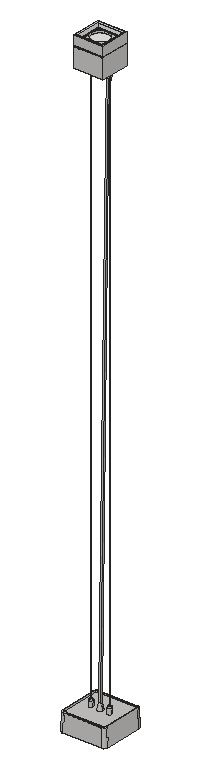
Revit family "CLighting-Luminii-Leto_44_P_SML", category Lighting Fixtures, host Face, Revit 2020
Family settings
  Host = Face
  Round Connector Dimension = Use Diameter
  Part Type = Normal
  OmniClass Number = 23.80.70.11.14.11
  OmniClass Title = Downlights
  Cut with Voids When Loaded = No
  Light Source = Yes
  Shared = Yes
  Room Calculation Point = No
Parameters (values of type "Leto 44 P SML")
  Width = 0' - 3 189/256"  # constant formula
  Wattage Comments = "6.5W"
  Wattage = 6.49954 W
  Warranty URL = "https://www.luminii.com/terms-conditions/"
  built-in parameter 1150110 = 1 (stored number, unit not read)
  Voltage Comments = "120V | 277V | 347V"  # constant formula
  Voltage = 120 V
  Version = "2020 - v1.0a"  # constant formula
  URL = "https://www.luminii.com/"
  built-in parameter 1114217 = 1 (stored number, unit not read)
  Tilt Angle = -90.00°  # constant formula
  built-in parameter 1150109 = 1 (stored number, unit not read)
  built-in parameter 1150134 = (empty or 0)
  built-in parameter 1150113 = 1 (stored number, unit not read)
  Support Phone = "224-699-9545"  # constant formula
  Support Email = "mailto:support@bimsmith.com"
  Product Page URL = "https://www.luminii.com/product/leto-44-p-sml/"
  Power Source Type = "Driver"  # constant formula
  Power Factor = 1
  Photometric Web File = "700-A90-615-35-07-00.ies"
  Phase = 1
  Operating Temperature = "Consult Manufacturer Website for more Information"  # constant formula
  Number of Poles = if(and(or(Voltage = 120 V, Voltage = 277 V), Phase = 1), 1, if(and(or(Voltage = 208 V, Voltage = 240 V), Phase = 1), 2, if(and(or(Voltage = 208 V, Voltage = 240 V), Phase = 3), 3, if(and(Voltage > 300 V, Phase = 1), 2, if(and(Voltage > 400 V, Phase = 3), 3, 1)))))  # 1
  Mounting Method = "Ceiling Mount"  # constant formula
  Model = "700"  # constant formula
  Manufacturer Phone Number = "403-216-7043"  # constant formula
  Manufacturer Email = "mailto: info@sensolighting.com"
  Manufacturer Address = "302 50 Ave SE. Calgary, Alberta, T2G 2A9 Canada"  # constant formula
  Manufacturer = "Luminii"  # constant formula
  built-in parameter 1150105 = 55.704 (stored number, unit not read)
  Lumens = 700 lm
  Luminaire Type = "Pendant LED Downlight"  # constant formula
  built-in parameter 1150115 = 1 (stored number, unit not read)
  Load Classification = Lighting
  built-in parameter 1150137 = (empty or 0)
  built-in parameter 1150139 = (empty or 0)
  Lens Material = Plastic - Luminii - Frosted Lens
  Length [instance] = 0' - 3 189/256"  # constant formula
  built-in parameter 1150112 = 1 (stored number, unit not read)
  built-in parameter 1150114 = 1 (stored number, unit not read)
  Lamp Life = 1
  Lamp = "LED"  # constant formula
  Keynote = "26 50 00"
  built-in parameter 1150132 = 2
  built-in parameter 1150102 = (empty or 0)
  built-in parameter 1150107 = 3500 (stored number, unit not read)
  Initial Color Comments = "Perfomance based on 3500K Photometric Web File"  # constant formula
  built-in parameter 1150138 = (empty or 0)
  built-in parameter 1150106 = 0.55704 (stored number, unit not read)
  Housing Protection Rating = "Consult Manufacturer Website for more Information"  # constant formula
  Has Dimming = 1 = 1  # yes
  Has Battery Backup = 0 = 1  # no
  Frequency Comments = ""  # constant formula
  Frequency = 60 Hz
  Finish = Metal - Luminii - Silver Anodized Aluminum
  Environment = "Indoor"  # constant formula
  built-in parameter 1150104 = 10.006 (stored number, unit not read)
  Dimming Type = "Consult Manufacturer Website for more Information"  # constant formula
  Dimming Lamp Color Temperature Shift = <None>
  Description = "Square pendant"  # constant formula
  Depth = 0' - 3 189/256"  # constant formula
  Default Elevation = 0' - 0"  # constant formula
  Current Amps = 50 A
  Copyright = "©2023 Luminii"  # constant formula
  Control Zone = "Consult Manufacturer Website for more Information"  # constant formula
  Control Type = "Consult Manufacturer Website for more Information"  # constant formula
  Constraints = 1  # constant formula
  Color Filter = 16777215
  built-in parameter 1114216 [instance] = 0  # (empty or 0)
  Canopy Finish = Metal - Luminii - Silver Anodized Aluminum
  built-in parameter 1140040 [instance] = 1 = 1  # 1
  CCT = "3500K"
  C Canopy Offset [instance] = 0' - 2 9/32"  # constant formula
  Desired Cable Length [instance] = 6' - 0"  # constant formula
  built-in parameter 1114218 = 1 (stored number, unit not read)
  built-in parameter 1150133 = 10 (stored number, unit not read)
  Assembly Code = "D5020200"
  Apparent Load = Wattage / Power Factor  # 6.49954 VA
  Actual Cable Length [instance] = if(Desired Cable Length < 1' 0", 1' 0", if(Desired Cable Length > 8' 0", 8' 0", Desired Cable Length))  # 6' - 0"
Reference planes (in)
  plane 1 "Center (Front/Back)": y = 0
  plane 2: z = 0
  plane 3 "Center (Left/Right)": x = 0
  plane 4: x = 0
  plane 5: x = 0
  plane 6: y = 1.86914
  plane 7: y = -1.86914
  plane 8 "B": z = 2.28125
  plane 9 "A": z = 74.28125
  plane 10: z = 78.01953
Forms (in)
  Extrusion 1, solid, material "Metal - Luminii - Silver Anodized Aluminum", not visible
    sketch origin (0, 0, 0) x (1, 0, 0) y (0, 1, 0)
      loop
        circle (0, 0) r 0.5
    from 0 to -0.17225
  Blend 2, solid, material "Metal - Luminii - Silver Anodized Aluminum"
    base sketch origin (0, 0, 2.99287) x (-1, 0, 0) y (0, -1, 0)
      loop
        circle (0, 0) r 0.115
    top sketch origin (0, 0, 2.99287) x (-1, 0, 0) y (0, -1, 0)
      loop
        circle (0, -1.1811) r 0.115
    from 0 to 71.75019
Dimensions and locks (in)
  equal spacing: plane 4, plane 3 "Center (Left/Right)", plane 5
  equal spacing: plane 6, plane 1 "Center (Front/Back)", plane 7
  plane 4 to plane 5 = 0' - 0"
  "Width": plane 6 to plane 7
  "C Canopy Offset": plane 8 "B" to host face
  "Actual Cable Length": plane 9 "A" to plane 8 "B"
  "Length": plane 10 to plane 9 "A"
  locked: plane 10 to imposter light at 0.57739
  aligned and locked: plane 2 to host face
  aligned and locked: plane 3 "Center (Left/Right)" to Extrusion 1 sketch curve
  aligned and locked: plane 1 "Center (Front/Back)" to Extrusion 1 sketch curve
  aligned and locked: plane 2 to Extrusion 1  (x2)
  aligned and locked: imposter light to plane 3 "Center (Left/Right)"
  aligned and locked: imposter light to plane 1 "Center (Front/Back)"
  aligned and locked: plane 3 "Center (Left/Right)" to nested 1
  aligned and locked: plane 1 "Center (Front/Back)" to nested 1
  aligned and locked: plane 3 "Center (Left/Right)" to nested 2
  aligned and locked: nested 2 to plane 1 "Center (Front/Back)"
  aligned and locked: Blend 2 to nested 1
Automatic sketch dimensions
  host sketch curve to host sketch curve = 8' - 0"  (x2)
  radius of Extrusion 1 sketch curve = 0' - 0 1/2"
Nested families (in)
  nested 1: "Nested - Lamp" at (0, 0, 74.28125), type "Nested - Lamp"
  nested 2: "Nested - Canopy" at (0, 0, 0) x (0, 1, 0) z (0, 0, 1), type "Default"
Connectors (in)
  electrical at (0, 0, 0), driven by "Number of Poles", driven by "Load Classification", driven by "Voltage", driven by "Apparent Load", driven by "Power Factor"
    settings: on Extrusion 1, index 1, voltage 120 V, apparent load 6.49954 VA, apparent load phase1 0 VA, apparent load phase2 0 VA, apparent load phase3 0 VA, power factor 1, load classification "Lighting", number of poles 1, system type 30, power factor state 1, is connector primary yes, connector utility no, sub classification motor no, connector description "Power Connection"
Definition of nested family "Nested - Lamp"
  Parameters (values of type "Nested - Lamp")
    Width = 0' - 3.74016"  # constant formula
    Screen Material = none
    Inner Screen = none
    Height = 0' - 6.49606"  # constant formula
    Finish = none
    Default Elevation = 4' - 0"
    Constraint = 3
  Reference planes (in)
    plane 1 "Center (Front/Back)": y = 0
    plane 2: z = 0
    plane 3 "Center (Left/Right)": x = 0
    plane 4: y = 1.87008
    plane 5: y = -1.87008
    plane 6: x = -1.87008
    plane 7: x = 1.87008
  Forms (in)
    Extrusion 1, solid
      sketch origin (0, 0, 0) x (1, 0, 0) y (0, 1, 0)
        loop
          line (-48, 48) -> (-48, -48) -> (48, -48) -> (48, 48) -> (-48, 48)
      from 0 to -12
    Sweep 2, solid, material <- "Finish", detail levels medium+fine
      path origin (-0.03362, 1.25, 6.49606) x (0, 1, 0) y (-1, 0, 0)
        loop
          line (0.62008, -1.9037) -> (0.62008, 1.83645) -> (-3.12008, 1.83645) -> (-3.12008, -1.9037) -> (0.62008, -1.9037)
      profile origin (1.87008, 0, 6.49606) x (1, 0, 0) y (0, 0, 1)
        loop
          line (0, -6.49606) -> (0, -4.03543) -> (-0.07874, -4.03543) -> (-0.07874, -3.91732) -> (0, -3.91732) -> (0, -2.75591) -> (-0.10635, -2.75591) -> (-0.27543, -2.80657) -> (-0.47227, -3.14961) -> (-0.53051, -3.14961) -> (-0.54899, -3.3608)
          arc (-0.54899, -3.3608) -> (-0.57675, -3.3821) -> (-0.60039, -3.3563) r 0.0259
          line (-0.60039, -3.3563) -> (-0.63719, -3.09449) -> (-0.68091, -3.09449) -> (-0.72263, -3.1105) -> (-0.72263, -3.55097) -> (-0.21654, -3.55097) -> (-0.21654, -6.29921) -> (-0.07874, -6.29921) -> (-0.07874, -6.49606) -> (0, -6.49606)
    Extrusion 3, solid, material <- "Screen Material"
      sketch origin (0, 0, 3.00394) x (1, 0, 0) y (0, 1, 0)
        loop
          circle (0, 0) r 1.10584
      from 0.14567 to 0.15757
    Extrusion 4, solid, material <- "Finish"
      sketch origin (1.59205, 1.59205, 3.63189) x (0, -1, 0) y (1, 0, 0)
        loop
          circle (1.59205, -1.59205) r 1.14745
        loop
          line (2.78122, -2.78122) -> (2.78122, -0.40289) -> (0.40289, -0.40289) -> (0.40289, -2.78122) -> (2.78122, -2.78122)
      from -0.48228 to -0.23031
    Extrusion 5, solid, material <- "Finish"
      sketch origin (1.59205, 1.59205, 3.63189) x (0, -1, 0) y (1, 0, 0)
        loop
          circle (1.59205, -1.59205) r 1.14745
      from -0.48228 to -0.62795
    Extrusion 6, solid, material <- "Finish"
      sketch origin (-0.03362, 1.25, 8.28705) x (0, 1, 0) y (-1, 0, 0)
        loop
          line (-3.06102, -1.84465) -> (0.56102, -1.84465) -> (0.56102, 1.7774) -> (-3.06102, 1.7774) -> (-3.06102, -1.84465)
        loop
          line (-2.4311, -0.30922) -> (-1.84055, -0.30922)
          arc (-1.84055, -0.30922) -> (-1.61784, -0.40147) -> (-1.52559, -0.62418) r 0.31496
          line (-1.52559, -0.62418) -> (-1.52559, -1.21473)
          arc (-1.52559, -1.21473) -> (-1.25, -1.49032) -> (-0.97441, -1.21473) r 0.27559
          line (-0.97441, -1.21473) -> (-0.97441, -0.62418)
          arc (-0.97441, -0.62418) -> (-0.88216, -0.40147) -> (-0.65945, -0.30922) r 0.31496
          line (-0.65945, -0.30922) -> (-0.0689, -0.30922)
          arc (-0.0689, -0.30922) -> (0.20669, -0.03362) -> (-0.0689, 0.24197) r 0.27559
          line (-0.0689, 0.24197) -> (-0.65945, 0.24197)
          arc (-0.65945, 0.24197) -> (-0.88216, 0.33422) -> (-0.97441, 0.55693) r 0.31496
          line (-0.97441, 0.55693) -> (-0.97441, 1.14748)
          arc (-0.97441, 1.14748) -> (-1.25, 1.42307) -> (-1.52559, 1.14748) r 0.27559
          line (-1.52559, 1.14748) -> (-1.52559, 0.55693)
          arc (-1.52559, 0.55693) -> (-1.61784, 0.33422) -> (-1.84055, 0.24197) r 0.31496
          line (-1.84055, 0.24197) -> (-2.4311, 0.24197)
          arc (-2.4311, 0.24197) -> (-2.70669, -0.03362) -> (-2.4311, -0.30922) r 0.27559
      from -8.1649 to -8.0902
    Extrusion 7, solid, material <- "Finish"
      sketch origin (-0.03362, 1.25, 8.28705) x (0, 1, 0) y (-1, 0, 0)
        loop
          line (-3.06102, -1.84465) -> (0.56102, -1.84465) -> (0.56102, 1.7774) -> (-3.06102, 1.7774) -> (-3.06102, -1.84465)
        loop
          arc (-0.48507, -0.44078) -> (-0.38346, -0.03362) -> (-0.48507, 0.37353) r 0.86654
          arc (-0.48507, 0.37353) -> (-0.58858, 0.40015) -> (-0.62431, 0.29942) r 0.07918
          arc (-0.62431, 0.29942) -> (-0.5412, -0.03362) -> (-0.62431, -0.36667) r 0.7088
          arc (-0.62431, -0.36667) -> (-0.58858, -0.4674) -> (-0.48507, -0.44078) r 0.07918
        loop
          arc (-2.01493, -0.44078) -> (-1.91142, -0.4674) -> (-1.87569, -0.36667) r 0.07918
          arc (-1.87569, -0.36667) -> (-1.9588, -0.03362) -> (-1.87569, 0.29942) r 0.7088
          arc (-1.87569, 0.29942) -> (-1.91142, 0.40015) -> (-2.01493, 0.37353) r 0.07918
          arc (-2.01493, 0.37353) -> (-2.11654, -0.03362) -> (-2.01493, -0.44078) r 0.86654
        loop
          arc (-1.65716, 0.73131) -> (-1.68378, 0.62779) -> (-1.58304, 0.59206) r 0.07918
          arc (-1.58304, 0.59206) -> (-1.25, 0.67518) -> (-0.91696, 0.59206) r 0.7088
          arc (-0.91696, 0.59206) -> (-0.81622, 0.62779) -> (-0.84284, 0.73131) r 0.07918
          arc (-0.84284, 0.73131) -> (-1.25, 0.83292) -> (-1.65716, 0.73131) r 0.86654
        loop
          arc (-1.65716, -0.79856) -> (-1.25, -0.90017) -> (-0.84284, -0.79856) r 0.86654
          arc (-0.84284, -0.79856) -> (-0.81622, -0.69504) -> (-0.91696, -0.65931) r 0.07918
          arc (-0.91696, -0.65931) -> (-1.25, -0.74243) -> (-1.58304, -0.65931) r 0.7088
          arc (-1.58304, -0.65931) -> (-1.68378, -0.69504) -> (-1.65716, -0.79856) r 0.07918
      from -7.77524 to -7.71544
    Revolve 8, solid
      sketch origin (0, 0, 0) x (1, 0, 0) y (0, 0, 1)
        loop
          line (-1.17126, -1.14219) -> (-1.0627, -1.14219) -> (-1.0627, -0.70819) -> (-0.97426, -0.70819) -> (-0.97426, 0.51181) -> (-1.17126, 0.51181) -> (-1.17126, -1.14219)
        axis (-1.17126, -1.14219) -> (-1.17126, 0.51181)
      angle from 0 to 360
    Revolve 9, solid
      sketch origin (0, 0, 0) x (-1, 0, 0) y (0, 0, 1)
        loop
          line (-1.17126, -1.14219) -> (-1.0627, -1.14219) -> (-1.0627, -0.70819) -> (-0.97426, -0.70819) -> (-0.97426, 0.51181) -> (-1.17126, 0.51181) -> (-1.17126, -1.14219)
        axis (-1.17126, -1.14219) -> (-1.17126, 0.51181)
      angle from 0 to 360
    Sweep 10, solid, material <- "Finish", detail levels coarse
      path origin (-0.03362, 1.25, 6.49606) x (0, 1, 0) y (-1, 0, 0)
        loop
          line (0.62008, -1.9037) -> (0.62008, 1.83645) -> (-3.12008, 1.83645) -> (-3.12008, -1.9037) -> (0.62008, -1.9037)
      profile origin (1.87008, 0, 6.49606) x (1, 0, 0) y (0, 0, 1)
        loop
          line (0, -6.49606) -> (0, -2.75591) -> (-0.10635, -2.75591) -> (-0.68091, -2.92809) -> (-0.68091, -3.55097) -> (-0.21654, -3.55097) -> (-0.21654, -6.29921) -> (-0.07874, -6.29921) -> (-0.07874, -6.49606) -> (0, -6.49606)
    Extrusion 11, solid
      sketch origin (-0.03362, 1.25, 0.51181) x (-1, 0, 0) y (0, 1, 0)
        loop
          circle (-0.03362, -0.0689) r 0.23
      from 0 to 0.05
  Dimensions and locks (in)
    equal spacing: plane 4, plane 1 "Center (Front/Back)", plane 5
    "Width": plane 4 to plane 5
    equal spacing: plane 6, plane 3 "Center (Left/Right)", plane 7
    "Width": plane 6 to plane 7
    aligned and locked: plane 2 to Extrusion 1
    aligned and locked: level to Extrusion 1
    aligned and locked: Sweep 2 sketch curve to plane 7
    aligned and locked: plane 6 to Sweep 2 sketch curve
    aligned and locked: Sweep 2 sketch curve to plane 4
    aligned and locked: plane 5 to Sweep 2 sketch curve
  Automatic sketch dimensions
    Extrusion 1 sketch curve to Extrusion 1 sketch curve = 8' - 0"  (x2)
    plane 1 "Center (Front/Back)" to Extrusion 3 sketch curve = 0' - 0"
    Extrusion 3 sketch curve to plane 3 "Center (Left/Right)" = 0' - 0"
    plane 1 "Center (Front/Back)" to Extrusion 4 sketch curve = 0' - 0"
    Extrusion 4 sketch curve to plane 3 "Center (Left/Right)" = 0' - 0"
    Extrusion 4 sketch curve to plane 4 = 0' - 0.68091"
    Extrusion 4 sketch curve to plane 5 = 0' - 0.68091"
    Extrusion 4 sketch curve to plane 6 = 0' - 0.68091"
    Extrusion 4 sketch curve to plane 7 = 0' - 0.68091"
    plane 1 "Center (Front/Back)" to Extrusion 5 sketch curve = 0' - 0"
    Extrusion 5 sketch curve to plane 3 "Center (Left/Right)" = 0' - 0"
    Extrusion 6 sketch curve to plane 3 "Center (Left/Right)" = 0' - 0"  (x2)
    plane 1 "Center (Front/Back)" to Extrusion 6 sketch curve = 0' - 0"  (x2)
    plane 1 "Center (Front/Back)" to Extrusion 6 sketch curve = 0' - 0.27559"  (x2)
    Extrusion 6 sketch curve to Extrusion 6 sketch curve = 0' - 0.31496"  (x4)
    plane 3 "Center (Left/Right)" to Extrusion 6 sketch curve = 0' - 0.27559"
    Extrusion 6 sketch curve to Extrusion 6 sketch curve = 0' - 0.59055"  (x4)
    Extrusion 6 sketch curve to plane 5 = 0' - 0.05906"
    Extrusion 6 sketch curve to plane 3 "Center (Left/Right)" = 0' - 0.27559"
    Extrusion 6 sketch curve to plane 4 = 0' - 0.05906"
    Extrusion 6 sketch curve to plane 7 = 0' - 0.05906"
    Extrusion 6 sketch curve to plane 6 = 0' - 0.05906"
    Extrusion 7 sketch curve to Extrusion 7 sketch curve = 0' - 0"  (x58)
    plane 1 "Center (Front/Back)" to Extrusion 7 sketch curve = 0' - 0"
    Extrusion 7 sketch curve to plane 3 "Center (Left/Right)" = 0' - 0"
    plane 1 "Center (Front/Back)" to Extrusion 7 sketch curve = 0' - 0.36388"  (x2)
    Extrusion 7 sketch curve to Extrusion 7 sketch curve = 0' - 0.33475"  (x8)
    Extrusion 7 sketch curve to plane 5 = 0' - 0.05906"
    Extrusion 7 sketch curve to plane 1 "Center (Front/Back)" = 0' - 0.36388"  (x2)
    plane 3 "Center (Left/Right)" to Extrusion 7 sketch curve = 0' - 0.36388"  (x2)
    Extrusion 7 sketch curve to plane 4 = 0' - 0.05906"
    Extrusion 7 sketch curve to plane 7 = 0' - 0.05906"
    Extrusion 7 sketch curve to plane 3 "Center (Left/Right)" = 0' - 0.36388"  (x2)
    Extrusion 7 sketch curve to plane 6 = 0' - 0.05906"
    Extrusion 7 sketch curve to Extrusion 7 sketch curve = 0' - 0.03084"  (x4)
    Extrusion 7 sketch curve to Extrusion 7 sketch curve = 0' - 0.04328"  (x4)
    Extrusion 7 sketch curve to Extrusion 7 sketch curve = 0' - 0.07293"  (x6)
    Extrusion 7 sketch curve to Extrusion 7 sketch curve = 0' - 0.06631"  (x2)
    Revolve 8 sketch curve to plane 6 = 0' - 0.69882"
    Revolve 8 sketch curve to Revolve 8 sketch curve = 0' - 0.10856"
    Revolve 8 sketch curve to Revolve 8 sketch curve = 0' - 0.197"
    Revolve 8 sketch curve to level = 0' - 1.14219"
    Revolve 8 sketch curve to Revolve 8 sketch curve = 0' - 0.434"
    level to Revolve 8 sketch curve = 0' - 0.51181"
    Revolve 8 sketch curve to Revolve 8 sketch curve = 0' - 0"  (x2)
    Revolve 8 sketch curve to Revolve 8 sketch curve = 0' - 0.81454"
    plane 7 to Revolve 9 sketch curve = 0' - 0.69882"
    Revolve 9 sketch curve to Revolve 9 sketch curve = 0' - 0.10856"
    Revolve 9 sketch curve to Revolve 9 sketch curve = 0' - 0.197"
    level to Revolve 9 sketch curve = 0' - 1.14219"
    Revolve 9 sketch curve to Revolve 9 sketch curve = 0' - 0.434"
    Revolve 9 sketch curve to level = 0' - 0.51181"
    Revolve 9 sketch curve to Revolve 9 sketch curve = 0' - 0"  (x2)
    Revolve 9 sketch curve to Revolve 9 sketch curve = 0' - 0.81454"
    plane 5 to Sweep 10 sketch curve = 0' - 0"
    Sweep 10 sketch curve to plane 4 = 0' - 0"
    Sweep 10 sketch curve to plane 7 = 0' - 0"
    Sweep 10 sketch curve to plane 6 = 0' - 0"
    profile plane to Sweep 2 sketch curve = 0' - 0"  (x2)
    Sweep 2 sketch curve to Sweep 2 sketch curve = 0' - 0.07874"  (x2)
    profile plane to Sweep 2 sketch curve = 0' - 0.21654"
    profile plane to Sweep 2 sketch curve = 0' - 0.27543"
    Sweep 2 sketch curve to Sweep 2 sketch curve = 0' - 0.19684"
    Sweep 2 sketch curve to Sweep 2 sketch curve = 0' - 0.05825"
    Sweep 2 sketch curve to Sweep 2 sketch curve = 0' - 0.01848"
    Sweep 2 sketch curve to Sweep 2 sketch curve = 0' - 0.0255"
    Sweep 2 sketch curve to Sweep 2 sketch curve = 0' - 0.0259"
    Sweep 2 sketch curve to Sweep 2 sketch curve = 0' - 0.10667"
    Sweep 2 sketch curve to Sweep 2 sketch curve = 0' - 0.04373"
    Sweep 2 sketch curve to Sweep 2 sketch curve = 0' - 0.05512"
    Sweep 2 sketch curve to Sweep 2 sketch curve = 0' - 0.20669"
    Sweep 2 sketch curve to Sweep 2 sketch curve = 0' - 0.19017"
    Sweep 2 sketch curve to Sweep 2 sketch curve = 0' - 0.36636"
    Sweep 2 sketch curve to Sweep 2 sketch curve = 0' - 0.11811"
    Sweep 2 sketch curve to Sweep 2 sketch curve = 0' - 2.26378"
    Sweep 2 sketch curve to Sweep 2 sketch curve = 0' - 0.19685"
    Sweep 2 sketch curve to Sweep 2 sketch curve = 0' - 0.10635"
    Sweep 2 sketch curve to Sweep 2 sketch curve = 0' - 0.12224"
    profile plane to Sweep 10 sketch curve = 0' - 0"
    Sweep 10 sketch curve to Sweep 10 sketch curve = 0' - 0.07874"
    Sweep 10 sketch curve to Sweep 10 sketch curve = 0' - 0.1378"
    Sweep 10 sketch curve to Sweep 10 sketch curve = 0' - 2.74825"
    Sweep 10 sketch curve to Sweep 10 sketch curve = 0' - 0.19685"
    Sweep 10 sketch curve to Sweep 10 sketch curve = 0' - 0.10635"
    Sweep 10 sketch curve to Sweep 10 sketch curve = 0' - 0.46438"
    Sweep 10 sketch curve to Sweep 10 sketch curve = 0' - 0.62288"
    Extrusion 7 to Extrusion 11 sketch curve = 0' - 0.62992"
    Extrusion 7 to Extrusion 11 sketch curve = 0' - 1.81102"
    Sweep 2 sketch curve to profile plane = 0' - 2.75591"
    Sweep 2 sketch curve to profile plane = 0' - 2.80657"
    Sweep 2 sketch curve to profile plane = 0' - 3.09449"
    Sweep 2 sketch curve to Sweep 2 sketch curve = 0' - 0.01601"
    Sweep 10 sketch curve to profile plane = 0' - 2.75591"
    Sweep 10 sketch curve to profile plane = 0' - 2.92809"
    radius of Extrusion 3 sketch curve = 0' - 1.10584"
    radius of Extrusion 4 sketch curve = 0' - 1.14745"
    radius of Extrusion 5 sketch curve = 0' - 1.14745"
    radius of Extrusion 11 sketch curve = 0' - 0.23"
Definition of nested family "Nested - Canopy"
  Parameters (values of type "Default")
    Square Canopy = no
    Round Canopy = yes
    Finish = none
    Feed Cable = 0' - 0.23"  # constant formula
    Default Elevation = 0' - 0"
    Cable Length = 6' - 0"
    Base = 0' - 5.67117"
    Aircraft Cable = 0' - 0.05"  # constant formula
  Reference planes (in)
    plane 1 "Center (Front/Back)": y = 0
    plane 2: z = 0
    plane 3 "Center (Left/Right)": x = 0
    plane 4: z = 74.28346
    plane 5: z = 2.28346
    plane 6: x = 2.83559
    plane 7: x = -2.83559
    plane 8: y = -2.83559
    plane 9: y = 2.83559
  Forms (in)
    Sweep 1, solid, material <- "Finish", detail levels medium+fine
      path origin (0, 0, 0) x (1, 0, 0) y (0, 1, 0)
        loop
          arc (-2.41835, 2.83559) -> (-2.71338, 2.71338) -> (-2.83559, 2.41835) r 0.41723
          line (-2.83559, 2.41835) -> (-2.83559, -2.41878)
          arc (-2.83559, -2.41878) -> (-2.71351, -2.71351) -> (-2.41878, -2.83559) r 0.4168
          line (-2.41878, -2.83559) -> (2.41578, -2.83559)
          arc (2.41578, -2.83559) -> (2.71263, -2.71263) -> (2.83559, -2.41578) r 0.41981
          line (2.83559, -2.41578) -> (2.83559, 2.41269)
          arc (2.83559, 2.41269) -> (2.71172, 2.71172) -> (2.41269, 2.83559) r 0.42289
          line (2.41269, 2.83559) -> (-2.41835, 2.83559)
      profile origin (-0.00283, 2.83559, 0) x (0, 1, 0) y (0, 0, 1)
        loop
          line (0, 0) -> (-0.07854, 2.24916)
          arc (-0.07854, 2.24916) -> (-0.08859, 2.27342) -> (-0.11284, 2.28346) r 0.0343
          line (-0.11284, 2.28346) -> (-0.22278, 2.28346) -> (-0.22278, 0) -> (0, 0)
    Extrusion 2, solid, material <- "Finish", detail levels medium+fine
      sketch origin (0, 0, 0) x (1, 0, 0) y (0, 1, 0)
        loop
          arc (-2.41835, 2.6128) -> (-2.55585, 2.55585) -> (-2.6128, 2.41835) r 0.19445
          line (-2.6128, 2.41835) -> (-2.6128, -2.41878)
          arc (-2.6128, -2.41878) -> (-2.55597, -2.55597) -> (-2.41878, -2.6128) r 0.19402
          line (-2.41878, -2.6128) -> (2.41578, -2.6128)
          arc (2.41578, -2.6128) -> (2.55509, -2.55509) -> (2.6128, -2.41578) r 0.19702
          line (2.6128, -2.41578) -> (2.6128, 2.41269)
          arc (2.6128, 2.41269) -> (2.55419, 2.55419) -> (2.41269, 2.6128) r 0.20011
          line (2.41269, 2.6128) -> (-2.41835, 2.6128)
      from 0 to 2.20472
    Revolve 3, solid, detail levels medium+fine
      sketch origin (0, -0.60039, 0) x (0, 1, 0) y (0, 0, 1)
        loop
          line (2.02756, 2.20472) -> (2.02756, 2.80697) -> (1.93924, 2.80697) -> (1.93924, 3.00382) -> (1.77165, 3.00382) -> (1.77165, 2.20472) -> (2.02756, 2.20472)
        axis (1.77165, 2.20472) -> (1.77165, 3.00382)
      angle from 0 to 360
    Revolve 4, solid, detail levels medium+fine
      sketch origin (0, 0.60039, 0) x (0, -1, 0) y (0, 0, 1)
        loop
          line (2.02756, 2.20472) -> (2.02756, 2.80697) -> (1.93924, 2.80697) -> (1.93924, 3.00382) -> (1.77165, 3.00382) -> (1.77165, 2.20472) -> (2.02756, 2.20472)
        axis (1.77165, 2.20472) -> (1.77165, 3.00382)
      angle from 0 to 360
    Revolve 5, solid, detail levels medium+fine
      sketch origin (0, 0, 0) x (0, 1, 0) y (0, 0, 1)
        loop
          line (0, 2.99287) -> (0, 2.20472) -> (0.29574, 2.20472) -> (0.17677, 2.99287) -> (0, 2.99287)
        axis (0, 2.99287) -> (0, 2.20472)
      angle from 0 to 360
    Extrusion 6, solid, material <- "Finish", detail levels coarse
      sketch origin (0, 0, 0) x (1, 0, 0) y (0, 1, 0)
        loop
          line (-2.83559, 2.83559) -> (-2.83559, -2.83559) -> (2.83559, -2.83559) -> (2.83559, 2.83559) -> (-2.83559, 2.83559)
      from 0 to 2.28346
    Revolve 7, solid, detail levels coarse
      sketch origin (0, -0.60039, 0) x (0, 1, 0) y (0, 0, 1)
        loop
          line (2.02756, 2.28346) -> (2.02756, 2.80697) -> (1.93924, 2.80697) -> (1.93924, 3.00382) -> (1.77165, 3.00382) -> (1.77165, 2.28346) -> (2.02756, 2.28346)
        axis (1.77165, 2.28346) -> (1.77165, 3.00382)
      angle from 0 to 360
    Revolve 8, solid, detail levels coarse
      sketch origin (0, 0.60039, 0) x (0, -1, 0) y (0, 0, 1)
        loop
          line (2.02756, 2.28346) -> (2.02756, 2.80697) -> (1.93924, 2.80697) -> (1.93924, 3.00382) -> (1.77165, 3.00382) -> (1.77165, 2.28346) -> (2.02756, 2.28346)
        axis (1.77165, 2.28346) -> (1.77165, 3.00382)
      angle from 0 to 360
    Revolve 9, solid, detail levels coarse
      sketch origin (0, 0, 0) x (0, 1, 0) y (0, 0, 1)
        loop
          line (0, 2.99287) -> (0, 2.28346) -> (0.28386, 2.28346) -> (0.17677, 2.99287) -> (0, 2.99287)
        axis (0, 2.99287) -> (0, 2.28346)
      angle from 0 to 360
    Extrusion 10, solid
      sketch origin (0, 0, 0) x (1, 0, 0) y (0, 1, 0)
        loop
          circle (0, 1.17126) r 0.025
        loop
          circle (0, -1.17126) r 0.025
      from 3.00382 to 74.28346
  Dimensions and locks (in)
    "Cable Length": plane 5 to plane 4
    equal spacing: plane 7, plane 3 "Center (Left/Right)", plane 6
    equal spacing: plane 9, plane 1 "Center (Front/Back)", plane 8
    "Base": plane 9 to plane 8
    "Base": plane 7 to plane 6
    aligned and locked: plane 2 to level
    aligned and locked: Sweep 1 sketch curve to plane 9
    aligned and locked: Sweep 1 sketch curve to plane 7
    aligned and locked: Sweep 1 sketch curve to plane 8
    aligned and locked: Sweep 1 sketch curve to plane 6
    aligned and locked: Extrusion 6 sketch curve to plane 9
    aligned and locked: Extrusion 6 sketch curve to plane 7
    aligned and locked: Extrusion 6 sketch curve to plane 8
    aligned and locked: Extrusion 6 sketch curve to plane 6
    aligned and locked: Extrusion 10 to Revolve 3
    aligned and locked: plane 4 to Extrusion 10
  Automatic sketch dimensions
    Sweep 1 sketch curve to plane 7 = 0' - 0.4168"
    Sweep 1 sketch curve to plane 7 = 0' - 0.41723"
    Sweep 1 sketch curve to Sweep 1 sketch curve = 0' - 0.42289"
    Sweep 1 sketch curve to plane 6 = 0' - 0.41981"
    Sweep 1 sketch curve to level = 0' - 0"
    Sweep 1 sketch curve to profile plane = 0' - 0"
    profile plane to Sweep 1 sketch curve = 0' - 0.07854"
    Sweep 1 sketch curve to Sweep 1 sketch curve = 0' - 0.0343"
    profile plane to Sweep 1 sketch curve = 0' - 0.22278"
    level to Sweep 1 sketch curve = 0' - 2.24916"
    Extrusion 2 sketch curve to plane 7 = 0' - 0.22278"
    Extrusion 2 sketch curve to plane 8 = 0' - 0.22278"
    Extrusion 2 sketch curve to Extrusion 2 sketch curve = 0' - 0.19402"
    Extrusion 2 sketch curve to plane 9 = 0' - 0.22278"
    Extrusion 2 sketch curve to Extrusion 2 sketch curve = 0' - 0.19445"
    Extrusion 2 sketch curve to plane 6 = 0' - 0.42289"
    Extrusion 2 sketch curve to plane 6 = 0' - 0.41981"
    Extrusion 2 sketch curve to Extrusion 2 sketch curve = 0' - 0.19702"
    plane 5 to Revolve 3 sketch curve = 0' - 0.07874"
    Revolve 3 sketch curve to plane 9 = 0' - 1.66433"
    Revolve 3 sketch curve to Revolve 3 sketch curve = 0' - 0.16759"
    Revolve 3 sketch curve to Revolve 3 sketch curve = 0' - 0.08831"
    Revolve 3 sketch curve to plane 5 = 0' - 0.5235"
    Revolve 3 sketch curve to Revolve 3 sketch curve = 0' - 0.19685"
    Revolve 3 sketch curve to Revolve 3 sketch curve = 0' - 0"  (x2)
    Revolve 3 sketch curve to Revolve 3 sketch curve = 0' - 0.11398"
    Revolve 4 sketch curve to plane 5 = 0' - 0.07874"
    plane 8 to Revolve 4 sketch curve = 0' - 1.66433"
    Revolve 4 sketch curve to Revolve 4 sketch curve = 0' - 0.16759"
    Revolve 4 sketch curve to Revolve 4 sketch curve = 0' - 0.08831"
    plane 5 to Revolve 4 sketch curve = 0' - 0.5235"
    Revolve 4 sketch curve to Revolve 4 sketch curve = 0' - 0.19685"
    Revolve 4 sketch curve to Revolve 4 sketch curve = 0' - 0"  (x2)
    Revolve 4 sketch curve to Revolve 4 sketch curve = 0' - 0.11398"
    Revolve 5 sketch curve to plane 1 "Center (Front/Back)" = 0' - 0"  (x2)
    Revolve 5 sketch curve to Revolve 5 sketch curve = 0' - 0.17677"
    plane 5 to Revolve 5 sketch curve = 0' - 0.07874"
    Revolve 5 sketch curve to plane 1 "Center (Front/Back)" = 0' - 0.29574"
    Revolve 5 sketch curve to plane 5 = 0' - 0.70941"
    Revolve 5 sketch curve to Revolve 5 sketch curve = 0' - 0.15349"
    Revolve 5 sketch curve to Revolve 5 sketch curve = 0' - 0 1/4"
    plane 5 to Revolve 7 sketch curve = 0' - 0"
    Revolve 7 sketch curve to plane 9 = 0' - 1.66433"
    Revolve 7 sketch curve to Revolve 7 sketch curve = 0' - 0.16759"
    Revolve 7 sketch curve to Revolve 7 sketch curve = 0' - 0.08831"
    Revolve 7 sketch curve to plane 5 = 0' - 0.5235"
    Revolve 7 sketch curve to Revolve 7 sketch curve = 0' - 0.19685"
    Revolve 7 sketch curve to Revolve 7 sketch curve = 0' - 0"  (x2)
    Revolve 7 sketch curve to Revolve 7 sketch curve = 0' - 0.11398"
    Revolve 9 sketch curve to plane 1 "Center (Front/Back)" = 0' - 0"  (x2)
    plane 5 to Revolve 9 sketch curve = 0' - 0"
    Revolve 9 sketch curve to Revolve 9 sketch curve = 0' - 0.17677"
    Revolve 9 sketch curve to plane 1 "Center (Front/Back)" = 0' - 0.28386"
    Revolve 9 sketch curve to Revolve 9 sketch curve = 0' - 0.70941"
    Revolve 9 sketch curve to Revolve 9 sketch curve = 0' - 0.15349"
    Revolve 9 sketch curve to Revolve 9 sketch curve = 0' - 0 1/4"
    plane 5 to Revolve 8 sketch curve = 0' - 0"
    plane 8 to Revolve 8 sketch curve = 0' - 1.66433"
    Revolve 8 sketch curve to Revolve 8 sketch curve = 0' - 0.16759"
    Revolve 8 sketch curve to Revolve 8 sketch curve = 0' - 0.08831"
    Revolve 8 sketch curve to Revolve 8 sketch curve = 0' - 0.5235"
    Revolve 8 sketch curve to Revolve 8 sketch curve = 0' - 0.19685"
    Revolve 8 sketch curve to Revolve 8 sketch curve = 0' - 0"  (x2)
    Revolve 8 sketch curve to Revolve 8 sketch curve = 0' - 0.11398"
    Extrusion 10 sketch curve to plane 3 "Center (Left/Right)" = 0' - 0"  (x2)
    Extrusion 10 sketch curve to plane 8 = 0' - 1.66433"
    Extrusion 10 sketch curve to plane 9 = 0' - 1.66433"
    radius of Extrusion 10 sketch curve = 0' - 0.025"  (x2)
